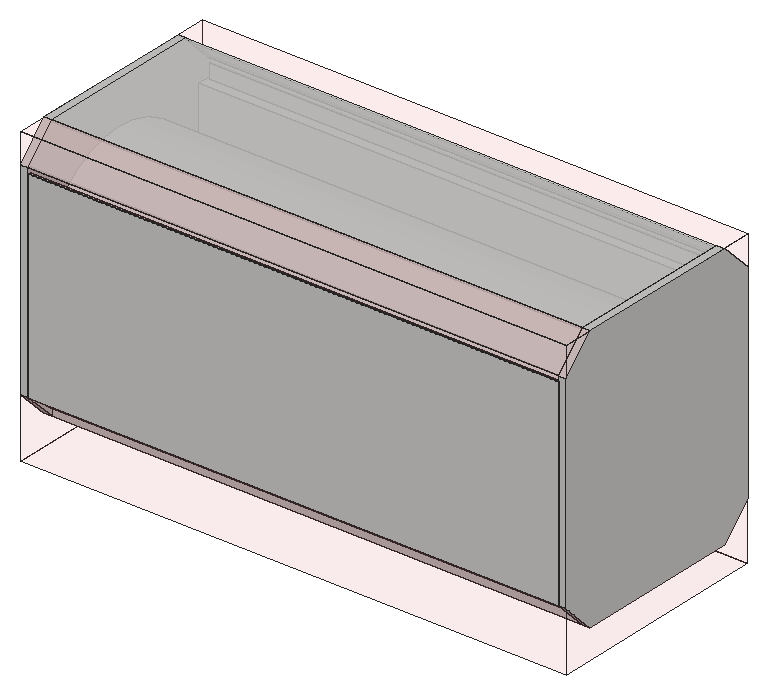
Revit family "Air-Curtain_Customer-Entry_PoweredAire_CED", category Mechanical Equipment, host Face, Revit 2023
Family settings
  Host = Face
  Round Connector Dimension = Use Diameter
  Part Type = Normal
  OmniClass Number = 23.75.35.17.21
  OmniClass Title = Air Curtains
  Cut with Voids When Loaded = No
  Maintain Annotation Orientation = No
  Shared = No
  Room Calculation Point = No
Parameters
  Warranty Duration (Years) = 0
  Unit Width Notes = "Other Widths available."  # constant formula
  Unit Width = 3' - 0"
  Unit Weight = 0
  Unit Height = 1' - 3"
  Unit Depth = 1' - 5 1/2"
  URL = "http://www.poweredaire.com/"
  Test Data = ""
  Temperature Rise_Range = "as Specified"
  Standards Conformance = "as Specified"
  Specification = "http://www.arcat.com/sdspecs/htm04/23_34_33pai.htm"
  SpecWizard = ""
  Sound Pressure = "as Specified"
  Sales Information = "http://www.poweredaire.com/contact_us"
  Revision = "R1_2016-08"
  Projection from Host [instance] = 0' - 2"
  Product Properties = ""
  Product Data = "http://www.arcat.com/arcatcos/cos47/arc47623.html"
  Power Rating = 0 W
  Outlet Volume_Range = "as Specified"
  Outlet Velocity_Range = "as Specified"
  Nozzle Width = if(1 = 1, Unit Width - 0' 1", 0' 0")  # 2' - 11"
  Mounting Width = if(1 = 1, Unit Width - 0' 0 15/16", 0' 0")  # 2' - 11 1/16"
  Mounting Height [instance] = 3' - 6"
  Motor RPM = 0
  Motor HP = 0
  Motor Count = 0
  Model = "As Specified"
  Max Height = 0' - 0"
  Manufacturer Website = "http://www.poweredaire.com/"
  Manufacturer Phone - Toll Free = "888-321-2473"
  Manufacturer Phone = "724-588-3305"
  Manufacturer Fax = "724-588-3371"
  Manufacturer Address = "109 Mortensen Rd.  Greenville, PA 16125"
  Manufacturer = "Powered Aire, Inc"
  Maintenance Schedule (Months) = 0
  Keynote = "23 34 33"
  Installation-Fabrication = ""
  Installation Phase = ""
  Include Clearance [instance] = yes
  Heating Element Load = 0 W
  HVAC_Temperature Rise [instance] = 0 °F
  HVAC_Outlet Volume [instance] = 0 CFM
  HVAC_Outlet Velocity Uniformity = 0
  HVAC_Outlet Velocity [instance] = 0 FPM
  Green Building-LEED = "http://www.arcat.com/green/clients/leed_data_47623.html"
  Front Grating Material [instance] = Metal - Steel - PoweredAire - Stainless 304 Perforated
  Frame Finish [instance] = Metal - Steel - PoweredAire - Stainless 304
  Expected Lifespan (Years) = 0
  Electrical_Wattage [instance] = Power Rating + Heating Element Load  # 0 W
  Electrical_Voltage [instance] = 0 V
  Electrical_Phase [instance] = 1
  Electrical_Frequency [instance] = 0 Hz
  Electrical_Amperage [instance] = 0 A
  Drawn By = "Sumex Design, Inc. / Robert S. Weygant, CSI, CDT, SCIP"
  Description = "Powered Aire Air Curtain as Specified"
  Default Elevation = 0' - 0"  # constant formula
  Copyright = "©Arcat Inc."
  Construction Details = "http://www.arcat.com/details/powair/prod3336.html"
  Clearance_Top [instance] = 0' - 0"
  Clearance_Side B [instance] = 0' - 0"
  Clearance_Side A [instance] = 0' - 0"
  Clearance_Intake [instance] = 0' - 0"
  Clearance_Bottom [instance] = 0' - 0"
  Clearance Material [instance] = ARCAT Clearance
  Building Codes = ""
  Available Options [instance] = "as Specified"
  Assembly Code = "D3090400"
Reference planes (in)
  plane 1 "Center (Elevation)": y = 0.13818
  plane 2: z = 0
  plane 3 "Center (Left/Right)": x = 0
  plane 4: y = 7.63818
  plane 5: y = -7.36182
  plane 6: x = -18
  plane 7: x = 18
  plane 8: z = 19.5
  plane 9 "FF": y = -41.86182
  plane 10: z = 2
  plane 11: x = 17.5
  plane 12: x = -17.5
  plane 13: y = 7.63818
  plane 14: y = -7.36182
  plane 15: x = -18
  plane 16: x = 18
  plane 17: z = 19.5
Forms (in)
  Extrusion 1, solid, material "Metal - Steel - PoweredAire - Stainless 304" <- "Frame Finish"
    sketch origin (0, 0, 0) x (0, 1, 0) y (0, 0, 1)
      loop
        line (5.69363, 2) -> (7.63818, 3.94454) -> (7.63818, 17.55546) -> (5.69363, 19.5) -> (-5.41728, 19.5) -> (-7.36182, 17.55546) -> (-7.36182, 3.94454) -> (-5.41728, 2) -> (5.69363, 2)
    from 17.5 to 18
  Extrusion 2, solid, material "Metal - Steel - PoweredAire - Stainless 304" <- "Frame Finish"
    sketch origin (0, 0, -0.5) x (0, 1, 0) y (0, 0, 1)
      loop
        circle (0.13818, 10.9739) r 6.25
      loop
        line (6.63818, 16.89427) -> (6.63818, 5.87829) -> (7.33849, 5.87829) -> (7.33849, 16.89427) -> (6.63818, 16.89427)
      loop
        line (-7.02798, 16.76927) -> (-7.02798, 5.75329) -> (-6.36182, 5.75329) -> (-6.36182, 16.76927) -> (-7.02798, 16.76927)
    from -17.5 to 17.5
  Extrusion 3, solid, material "Metal - Steel - PoweredAire - Stainless 304" <- "Frame Finish"
    sketch origin (0, 0, 0) x (0, 1, 0) y (0, 0, -1)
      loop
        line (5.69363, -2) -> (-5.41728, -2) -> (-7.36182, -3.94454) -> (-7.36182, -17.55546) -> (-5.41728, -19.5) -> (5.69363, -19.5) -> (7.63818, -17.55546) -> (7.63818, -3.94454) -> (5.69363, -2)
    from 17.5 to 18
  Extrusion 4, solid, material "Metal - Steel - PoweredAire - Stainless 304" <- "Frame Finish"
    sketch origin (0, 0, 0) x (0, 1, 0) y (0, 0, 1)
      loop
        line (-5.41728, 2) -> (5.69363, 2) -> (7.63818, 3.94454) -> (7.63818, 17.19454) -> (7.51318, 17.19454) -> (7.51318, 3.99632) -> (5.64186, 2.125) -> (-5.29228, 2.125) -> (-5.29228, 4.06954) -> (-7.23682, 4.06954) -> (-7.23682, 17.19454) -> (-7.36182, 17.19454) -> (-7.36182, 3.94454) -> (-5.41728, 3.94454) -> (-5.41728, 2)
      loop
        line (-6.64819, 3.61034) -> (-5.8702, 2.83235) -> (-5.74472, 2.95783) -> (-6.52271, 3.73583) -> (-6.64819, 3.61034)
    from -17.5 to 17.5
  Extrusion 5, solid, material "Metal - Steel - PoweredAire - Stainless 304 Perforated" <- "Front Grating Material"
    sketch origin (0, 0, 0) x (0, 1, 0) y (0, 0, 1)
      loop
        line (-7.36182, 17.19454) -> (-7.23682, 17.19454) -> (-7.23682, 17.50368) -> (-5.3655, 19.375) -> (5.64186, 19.375) -> (7.51318, 17.50368) -> (7.51318, 17.19454) -> (7.63818, 17.19454) -> (7.63818, 17.55546) -> (5.69363, 19.5) -> (-5.41728, 19.5) -> (-7.36182, 17.55546) -> (-7.36182, 17.19454)
    from -17.5 to 17.5
  Extrusion 6, solid, material "ARCAT Clearance" <- "Clearance Material", visible <- "Include Clearance"
    sketch origin (0, 0, 0) x (0, 1, 0) y (0, 0, 1)
      loop
        line (-7.36182, 19.5) -> (-7.36182, 0) -> (7.63818, 0) -> (7.63818, 19.5) -> (-7.36182, 19.5)
    from -18 to 18
Dimensions and locks (in)
  equal spacing: plane 4, plane 1 "Center (Elevation)", plane 5
  "Unit Height": plane 4 to plane 5
  equal spacing: plane 6, plane 3 "Center (Left/Right)", plane 7
  "Unit Width": plane 6 to plane 7
  "Mounting Height": plane 1 "Center (Elevation)" to plane 9 "FF"
  "Projection from Host": plane 10 to level
  "Unit Depth": plane 8 to plane 10
  locked: plane 6 to plane 12 at 0.5
  locked: plane 11 to plane 7 at 0.5
  "Clearance_Side A": plane 7 to plane 16
  "Clearance_Side B": plane 15 to plane 6
  "Clearance_Top": plane 13 to plane 4
  "Clearance_Bottom": plane 5 to plane 14
  "Clearance_Intake": plane 17 to plane 8
  aligned and locked: plane 2 to host face
  aligned and locked: level to host face
  aligned and locked: plane 7 to Extrusion 1
  aligned and locked: Extrusion 1 to plane 11
  aligned and locked: plane 12 to Extrusion 3
  aligned and locked: Extrusion 3 to plane 6
  aligned and locked: Extrusion 2 to plane 12
  aligned and locked: plane 11 to Extrusion 2
  aligned and locked: plane 11 to Extrusion 4
  aligned and locked: Extrusion 4 to plane 12
  aligned and locked: plane 11 to Extrusion 5
  aligned and locked: Extrusion 5 to plane 12
  aligned and locked: Extrusion 6 sketch curve to plane 17
  aligned and locked: plane 14 to Extrusion 6 sketch curve
  aligned and locked: level to Extrusion 6 sketch curve
  aligned and locked: Extrusion 6 sketch curve to plane 13
  aligned and locked: plane 16 to Extrusion 6
  aligned and locked: Extrusion 6 to plane 15
Automatic sketch dimensions
  host sketch curve to host sketch curve = 8' - 0"  (x2)
  Extrusion 1 sketch curve to plane 5 = 0' - 0"
  Extrusion 1 sketch curve to plane 8 = 0' - 0"
  Extrusion 1 sketch curve to plane 10 = 0' - 0"
  Extrusion 1 sketch curve to plane 4 = 0' - 0"
  plane 5 to Extrusion 1 sketch curve = 0' - 1.94454"  (x2)
  Extrusion 1 sketch curve to plane 4 = 0' - 1.94454"  (x2)
  plane 10 to Extrusion 1 sketch curve = 0' - 1.94454"  (x2)
  Extrusion 1 sketch curve to plane 8 = 0' - 1.94454"  (x2)
  Extrusion 2 sketch curve to plane 1 "Center (Elevation)" = 0' - 0"
  plane 5 to Extrusion 2 sketch curve = 0' - 1"
  plane 5 to Extrusion 2 sketch curve = 0' - 0.33384"
  Extrusion 2 sketch curve to plane 4 = 0' - 1"
  Extrusion 2 sketch curve to plane 4 = 0' - 0.29969"
  plane 10 to Extrusion 2 sketch curve = 0' - 3.37829"
  plane 10 to Extrusion 2 sketch curve = 0' - 3.25329"
  Extrusion 2 sketch curve to plane 8 = 0' - 9.0261"
  Extrusion 2 sketch curve to plane 8 = 0' - 3.23073"
  Extrusion 2 sketch curve to plane 8 = 0' - 3.10573"
  Extrusion 3 sketch curve to plane 5 = 0' - 0"
  Extrusion 3 sketch curve to plane 8 = 0' - 0"
  Extrusion 3 sketch curve to plane 10 = 0' - 0"
  Extrusion 3 sketch curve to plane 4 = 0' - 0"
  plane 5 to Extrusion 3 sketch curve = 0' - 1.94454"  (x2)
  Extrusion 3 sketch curve to plane 4 = 0' - 1.94454"  (x2)
  Extrusion 3 sketch curve to plane 8 = 0' - 1.94454"  (x2)
  plane 10 to Extrusion 3 sketch curve = 0' - 1.94454"  (x2)
  Extrusion 4 sketch curve to plane 5 = 0' - 0"
  Extrusion 4 sketch curve to plane 10 = 0' - 0"
  Extrusion 4 sketch curve to plane 4 = 0' - 0"
  plane 5 to Extrusion 4 sketch curve = 0' - 0 1/8"
  plane 5 to Extrusion 4 sketch curve = 0' - 0.71363"
  Extrusion 4 sketch curve to Extrusion 4 sketch curve = 0' - 0.12548"  (x2)
  Extrusion 4 sketch curve to Extrusion 4 sketch curve = 0' - 0.778"
  Extrusion 4 sketch curve to Extrusion 4 sketch curve = 0' - 0.32744"
  Extrusion 4 sketch curve to Extrusion 4 sketch curve = 0' - 0 1/8"  (x2)
  plane 10 to Extrusion 4 sketch curve = 0' - 0 1/8"
  Extrusion 4 sketch curve to plane 4 = 0' - 1.99632"
  Extrusion 4 sketch curve to Extrusion 4 sketch curve = 0' - 0.05178"  (x2)
  plane 10 to Extrusion 4 sketch curve = 0' - 0.83235"
  plane 10 to Extrusion 4 sketch curve = 0' - 1.94454"
  Extrusion 4 sketch curve to Extrusion 4 sketch curve = 0' - 0.3342"
  Extrusion 4 sketch curve to plane 4 = 0' - 0 1/8"
  Extrusion 4 sketch curve to plane 8 = 0' - 2.30546"  (x2)
  Extrusion 5 sketch curve to plane 5 = 0' - 0"
  Extrusion 5 sketch curve to plane 8 = 0' - 0"
  Extrusion 5 sketch curve to plane 4 = 0' - 0"
  plane 5 to Extrusion 5 sketch curve = 0' - 0 1/8"
  plane 5 to Extrusion 5 sketch curve = 0' - 1.94454"
  Extrusion 5 sketch curve to plane 8 = 0' - 0 1/8"
  Extrusion 5 sketch curve to Extrusion 5 sketch curve = 0' - 0.05178"  (x4)
  Extrusion 5 sketch curve to plane 4 = 0' - 1.99632"
  Extrusion 5 sketch curve to plane 8 = 0' - 1.94454"  (x2)
  Extrusion 5 sketch curve to Extrusion 5 sketch curve = 0' - 0 1/8"
  Extrusion 5 sketch curve to Extrusion 5 sketch curve = 0' - 0.30914"  (x2)
  radius of Extrusion 2 sketch curve = 0' - 6 1/4"
Connectors (in)
  electrical at (0, 7.63818, 10.56954), driven by "Electrical_Phase", driven by "Electrical_Voltage"
    settings: on Extrusion 4, index 1, voltage 0 V, apparent load 0 VA, apparent load phase1 0 VA, apparent load phase2 0 VA, apparent load phase3 0 VA, power factor 1, load classification "Motor", number of poles 1, system type 31, power factor state 1, is connector primary yes, connector utility no, sub classification motor no, connector description ""
